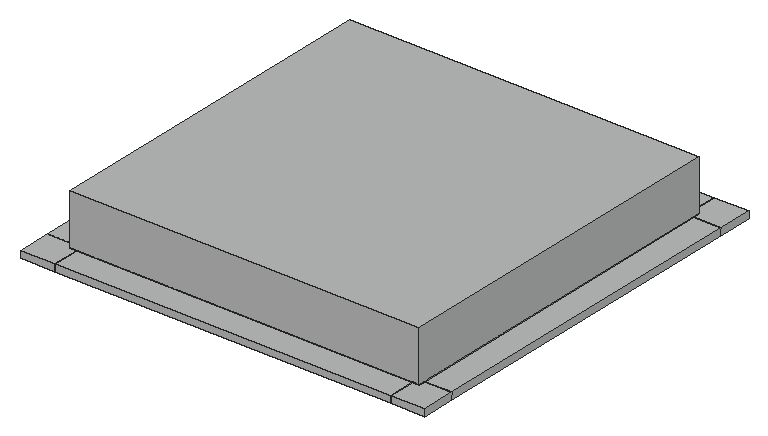
Revit family "ALUMOGIPS", category Осветительные приборы, Revit 2019 (continued)
Types (72, lengths in mm): name | Файл фотометрической сетки | built-in parameter 1150105 | Lumens | built-in parameter 1150106 | built-in parameter 1150142 | Wattage | Emit from Rectangle Width | Emit from Rectangle Length | Длина | Материал светильника | Ширина | ADSK_Ток | ADSK_Полная мощность | ADSK_Обозначение | ADSK_Номинальная мощность | ADSK_Наименование | ADSK_Масса | ADSK_Код изделия
  Alumogips-30/opal-sand 295х595 (IP54, 4000К, белый) c БАП на 3 часа | "Светильник ALUMOGIPS-30 OPAL-SAND-(295x595).IES" | 198.94 (stored number, unit not read) | 2500 lm | 1.9894 (stored number, unit not read) | "IESNA:LM-63-95\r\n[TEST] Протокол №80\r\n[DATA]26.06.2016\r\n[MORE] \r\n[MANUFAC] ЗАО \"Центрстройсвет\"\r\n[LUMCAT]  Светильник ALUMOGIPS-30/OPAL-SAND-(295x595)\r\n[LUMINAIRE]\r\n[LAMPCAT] Светодиоды\r\n[LAMP] Поток источника света (светодиодов) не известен\r\n[MORE] КСС приведена в абсолютных величинах кд\r\n[MORE] Вместо потока лампы, указан поток светильника.\r\nTILT=NONE\r\n1    2420 1.0 37 73 1 2 0.295 0.595 0.04\r\n1.0 1.0 28.9\r\n0.0 5.0 10.0 15.0 20.0 25.0 30.0 35.0 40.0 45.0 50.0 55.0 60.0 65.0 70.0 75.0 80.0 85.0 90.0 95.0 100.0 105.0 110.0 115.0 120.0 125.0 130.0 135.0 140.0 145.0 150.0 155.0 160.0 165.0 170.0 175.0 180.0\r\n0.0 5.0 10.0 15.0 20.0 25.0 30.0 35.0 40.0 45.0 50.0 55.0 60.0 65.0 70.0 75.0 80.0 85.0 90.0 95.0 100.0 105.0 110.0 115.0 120.0 125.0 130.0 135.0 140.0 145.0 150.0 155.0 160.0 165.0 170.0 175.0 180.0 185.0 190.0 195.0 200.0 205.0 210.0 215.0 220.0 225.0 230.0 235.0 240.0 245.0 250.0 255.0 260.0 265.0 270.0 275.0 280.0 285.0 290.0 295.0 300.0 305.0 310.0 315.0 320.0 325.0 330.0 335.0 340.0 345.0 350.0 355.0 360.0\r\n911.1 908.3 889.4 861.2 824.6 779.8 729.1 674.3 613.8 546.0 479.1 412.2 342.1 274.7 206.6 142.5 83.1 30.5 0.2 0.0 0.0 0.0 0.0 0.0 0.0 0.0 0.0 0.0 0.0 0.0 0.0 0.0 0.0 0.0 0.0 0.0 0.0\r\n911.1 908.3 890.4 862.2 826.0 781.2 730.0 673.5 610.8 545.9 478.1 412.0 343.0 274.6 207.5 142.8 83.4 31.1 0.3 0.0 0.0 0.0 0.0 0.0 0.0 0.0 0.0 0.0 0.0 0.0 0.0 0.0 0.0 0.0 0.0 0.0 0.0\r\n911.1 908.5 890.5 862.8 826.3 781.1 729.7 670.6 612.5 548.7 480.3 412.7 344.4 275.2 207.5 143.5 83.8 31.5 0.3 0.0 0.0 0.0 0.0 0.0 0.0 0.0 0.0 0.0 0.0 0.0 0.0 0.0 0.0 0.0 0.0 0.0 0.0\r\n911.1 909.2 889.7 860.5 825.1 782.3 731.0 672.5 613.1 547.3 478.2 411.8 342.9 275.2 208.3 143.7 83.9 31.8 0.3 0.0 0.0 0.0 0.0 0.0 0.0 0.0 0.0 0.0 0.0 0.0 0.0 0.0 0.0 0.0 0.0 0.0 0.0\r\n911.1 909.0 891.0 861.5 825.6 782.4 732.7 675.9 611.0 545.2 481.9 413.1 344.4 276.1 208.3 144.0 84.6 32.0 0.3 0.0 0.0 0.0 0.0 0.0 0.0 0.0 0.0 0.0 0.0 0.0 0.0 0.0 0.0 0.0 0.0 0.0 0.0\r\n911.1 908.9 890.1 863.3 826.9 783.2 729.2 673.9 611.8 547.8 480.9 414.1 343.8 275.8 208.6 144.4 85.0 32.4 0.3 0.0 0.0 0.0 0.0 0.0 0.0 0.0 0.0 0.0 0.0 0.0 0.0 0.0 0.0 0.0 0.0 0.0 0.0\r\n911.1 908.9 890.0 862.2 828.3 782.8 731.1 675.1 614.3 547.6 481.3 413.0 345.8 276.7 208.8 145.0 85.3 32.6 0.4 0.0 0.0 0.0 0.0 0.0 0.0 0.0 0.0 0.0 0.0 0.0 0.0 0.0 0.0 0.0 0.0 0.0 0.0\r\n911.1 908.5 891.5 865.2 825.7 780.8 732.5 674.6 615.0 551.3 482.1 414.1 345.1 277.4 208.6 145.5 85.5 33.2 0.5 0.0 0.0 0.0 0.0 0.0 0.0 0.0 0.0 0.0 0.0 0.0 0.0 0.0 0.0 0.0 0.0 0.0 0.0\r\n911.1 908.2 891.4 865.6 827.3 781.0 734.3 676.9 614.9 549.4 482.0 413.8 346.2 277.0 209.5 145.9 86.0 33.8 0.4 0.0 0.0 0.0 0.0 0.0 0.0 0.0 0.0 0.0 0.0 0.0 0.0 0.0 0.0 0.0 0.0 0.0 0.0\r\n911.1 908.7 891.0 864.3 829.6 784.0 732.9 673.2 614.9 550.2 484.5 414.8 346.4 277.8 210.5 146.4 87.2 33.9 0.6 0.0 0.0 0.0 0.0 0.0 0.0 0.0 0.0 0.0 0.0 0.0 0.0 0.0 0.0 0.0 0.0 0.0 0.0\r\n911.1 909.3 890.7 863.4 828.2 782.7 733.6 675.6 617.1 551.3 485.9 416.5 347.0 279.5 211.3 147.1 87.6 34.5 0.8 0.0 0.0 0.0 0.0 0.0 0.0 0.0 0.0 0.0 0.0 0.0 0.0 0.0 0.0 0.0 0.0 0.0 0.0\r\n911.1 908.7 892.5 864.0 829.2 784.2 733.3 676.9 615.6 551.9 484.7 416.9 348.3 279.6 211.6 148.3 88.1 35.0 0.9 0.0 0.0 0.0 0.0 0.0 0.0 0.0 0.0 0.0 0.0 0.0 0.0 0.0 0.0 0.0 0.0 0.0 0.0\r\n911.1 907.6 892.1 865.2 827.4 784.6 731.8 676.8 617.7 552.8 485.1 418.8 350.7 281.3 212.5 148.4 89.0 35.7 1.0 0.0 0.0 0.0 0.0 0.0 0.0 0.0 0.0 0.0 0.0 0.0 0.0 0.0 0.0 0.0 0.0 0.0 0.0\r\n911.1 907.1 892.1 864.5 830.2 788.3 733.6 677.4 617.3 552.0 487.9 420.8 349.8 281.3 213.4 149.2 89.9 36.2 1.3 0.0 0.0 0.0 0.0 0.0 0.0 0.0 0.0 0.0 0.0 0.0 0.0 0.0 0.0 0.0 0.0 0.0 0.0\r\n911.1 907.7 891.9 865.7 828.5 785.6 735.2 678.9 620.0 555.8 488.8 421.1 351.5 282.7 215.2 149.7 90.8 36.9 1.5 0.0 0.0 0.0 0.0 0.0 0.0 0.0 0.0 0.0 0.0 0.0 0.0 0.0 0.0 0.0 0.0 0.0 0.0\r\n911.1 907.8 891.0 864.8 830.1 786.1 738.7 679.4 616.5 556.6 490.6 420.2 352.4 284.5 215.4 151.3 91.1 37.6 1.5 0.0 0.0 0.0 0.0 0.0 0.0 0.0 0.0 0.0 0.0 0.0 0.0 0.0 0.0 0.0 0.0 0.0 0.0\r\n911.1 907.6 892.2 865.5 829.8 785.3 740.8 681.1 621.3 555.2 488.2 422.8 352.5 285.0 216.2 151.5 92.2 38.3 1.9 0.0 0.0 0.0 0.0 0.0 0.0 0.0 0.0 0.0 0.0 0.0 0.0 0.0 0.0 0.0 0.0 0.0 0.0\r\n911.1 907.4 892.1 866.1 829.8 787.6 737.3 681.4 621.4 556.0 491.1 422.7 354.9 284.7 217.1 152.4 93.0 39.4 2.0 0.0 0.0 0.0 0.0 0.0 0.0 0.0 0.0 0.0 0.0 0.0 0.0 0.0 0.0 0.0 0.0 0.0 0.0\r\n911.1 907.1 892.7 864.9 831.7 788.2 738.4 680.3 623.5 555.8 491.4 423.2 354.0 286.0 218.2 152.8 93.7 40.1 1.9 0.0 0.0 0.0 0.0 0.0 0.0 0.0 0.0 0.0 0.0 0.0 0.0 0.0 0.0 0.0 0.0 0.0 0.0\r\n911.1 907.4 892.3 867.6 830.6 789.2 737.9 683.1 622.5 558.1 492.5 424.4 355.9 287.7 219.1 154.3 94.7 40.4 2.5 0.0 0.0 0.0 0.0 0.0 0.0 0.0 0.0 0.0 0.0 0.0 0.0 0.0 0.0 0.0 0.0 0.0 0.0\r\n911.1 907.5 892.4 866.9 832.1 790.0 736.6 683.9 623.3 559.4 493.1 425.9 357.0 288.4 220.1 155.2 95.3 41.1 2.6 0.0 0.0 0.0 0.0 0.0 0.0 0.0 0.0 0.0 0.0 0.0 0.0 0.0 0.0 0.0 0.0 0.0 0.0\r\n911.1 906.9 893.0 866.2 832.9 789.5 740.6 686.4 622.6 558.9 494.6 425.2 357.7 289.6 220.8 156.1 95.8 41.9 2.6 0.0 0.0 0.0 0.0 0.0 0.0 0.0 0.0 0.0 0.0 0.0 0.0 0.0 0.0 0.0 0.0 0.0 0.0\r\n911.1 906.5 892.0 867.1 832.6 789.9 741.4 686.3 627.3 561.0 497.2 429.6 357.8 290.1 222.7 156.4 96.7 42.4 3.1 0.0 0.0 0.0 0.0 0.0 0.0 0.0 0.0 0.0 0.0 0.0 0.0 0.0 0.0 0.0 0.0 0.0 0.0\r\n911.1 906.8 892.3 868.3 834.8 789.8 739.1 686.9 625.0 562.3 496.2 428.6 359.5 290.7 222.5 158.0 97.5 42.6 3.4 0.0 0.0 0.0 0.0 0.0 0.0 0.0 0.0 0.0 0.0 0.0 0.0 0.0 0.0 0.0 0.0 0.0 0.0\r\n911.1 907.7 893.1 868.2 834.1 793.7 743.1 687.9 626.4 562.8 495.5 430.8 360.5 292.6 223.4 158.6 97.7 43.5 3.3 0.0 0.0 0.0 0.0 0.0 0.0 0.0 0.0 0.0 0.0 0.0 0.0 0.0 0.0 0.0 0.0 0.0 0.0\r\n911.1 908.2 893.8 868.2 835.6 793.6 743.3 688.3 626.0 564.5 498.1 431.2 361.0 293.4 224.3 158.9 98.6 44.0 3.5 0.0 0.0 0.0 0.0 0.0 0.0 0.0 0.0 0.0 0.0 0.0 0.0 0.0 0.0 0.0 0.0 0.0 0.0\r\n911.1 906.7 894.2 868.9 835.7 792.8 743.7 688.3 628.3 564.5 497.7 430.5 361.2 293.3 224.8 160.4 99.3 44.4 3.7 0.0 0.0 0.0 0.0 0.0 0.0 0.0 0.0 0.0 0.0 0.0 0.0 0.0 0.0 0.0 0.0 0.0 0.0\r\n911.1 906.5 894.7 867.9 834.7 795.0 744.2 689.6 630.1 566.4 499.6 431.8 363.0 294.1 225.6 160.8 100.0 45.1 3.6 0.0 0.0 0.0 0.0 0.0 0.0 0.0 0.0 0.0 0.0 0.0 0.0 0.0 0.0 0.0 0.0 0.0 0.0\r\n911.1 906.5 895.1 869.9 835.9 794.8 744.6 690.7 627.4 566.4 500.2 432.4 364.0 294.7 227.0 161.2 100.6 45.6 3.8 0.0 0.0 0.0 0.0 0.0 0.0 0.0 0.0 0.0 0.0 0.0 0.0 0.0 0.0 0.0 0.0 0.0 0.0\r\n911.1 906.1 895.4 869.1 835.9 794.7 746.0 689.6 630.7 566.6 499.6 432.7 363.1 295.7 227.9 161.9 100.9 46.3 4.0 0.0 0.0 0.0 0.0 0.0 0.0 0.0 0.0 0.0 0.0 0.0 0.0 0.0 0.0 0.0 0.0 0.0 0.0\r\n911.1 906.1 894.6 870.7 836.3 795.3 746.6 689.6 632.6 567.7 500.1 432.1 364.4 296.0 227.8 162.7 101.4 46.4 4.5 0.0 0.0 0.0 0.0 0.0 0.0 0.0 0.0 0.0 0.0 0.0 0.0 0.0 0.0 0.0 0.0 0.0 0.0\r\n911.1 906.3 895.6 868.8 835.5 793.2 745.3 690.7 630.8 568.5 500.6 433.3 364.7 295.8 227.5 162.6 101.3 46.8 4.6 0.0 0.0 0.0 0.0 0.0 0.0 0.0 0.0 0.0 0.0 0.0 0.0 0.0 0.0 0.0 0.0 0.0 0.0\r\n911.1 907.0 895.4 871.8 837.5 794.5 744.5 690.6 631.8 568.8 502.5 436.2 365.6 296.2 228.3 163.9 101.9 47.1 4.6 0.0 0.0 0.0 0.0 0.0 0.0 0.0 0.0 0.0 0.0 0.0 0.0 0.0 0.0 0.0 0.0 0.0 0.0\r\n911.1 907.6 895.4 871.8 839.2 796.0 747.1 690.6 629.6 567.5 501.4 434.5 365.7 297.2 228.8 163.4 102.4 47.5 4.6 0.0 0.0 0.0 0.0 0.0 0.0 0.0 0.0 0.0 0.0 0.0 0.0 0.0 0.0 0.0 0.0 0.0 0.0\r\n911.1 906.1 895.5 871.6 838.7 794.9 748.2 694.5 632.4 570.3 502.5 434.5 365.5 297.1 229.4 164.0 102.4 47.5 4.7 0.0 0.0 0.0 0.0 0.0 0.0 0.0 0.0 0.0 0.0 0.0 0.0 0.0 0.0 0.0 0.0 0.0 0.0\r\n911.1 904.8 895.9 869.8 836.7 797.2 747.1 691.9 633.4 569.5 503.4 435.1 366.2 298.1 229.3 163.6 102.3 47.2 4.3 0.0 0.0 0.0 0.0 0.0 0.0 0.0 0.0 0.0 0.0 0.0 0.0 0.0 0.0 0.0 0.0 0.0 0.0\r\n911.1 905.3 894.0 871.2 840.2 796.2 748.3 691.8 631.5 572.4 503.6 433.5 366.8 297.9 229.2 163.3 101.8 46.8 3.8 0.0 0.0 0.0 0.0 0.0 0.0 0.0 0.0 0.0 0.0 0.0 0.0 0.0 0.0 0.0 0.0 0.0 0.0\r\n911.1 906.0 894.9 870.9 837.1 795.0 745.7 693.0 630.8 569.0 503.7 436.4 366.4 297.7 229.8 163.4 101.8 46.5 3.4 0.0 0.0 0.0 0.0 0.0 0.0 0.0 0.0 0.0 0.0 0.0 0.0 0.0 0.0 0.0 0.0 0.0 0.0\r\n911.1 905.6 893.6 871.4 839.9 797.6 749.1 691.5 633.0 570.8 502.5 434.8 366.1 296.6 228.5 162.8 101.0 46.0 2.9 0.0 0.0 0.0 0.0 0.0 0.0 0.0 0.0 0.0 0.0 0.0 0.0 0.0 0.0 0.0 0.0 0.0 0.0\r\n911.1 905.5 894.6 871.9 838.0 794.6 747.0 692.0 634.0 569.3 502.9 435.5 366.8 296.4 228.8 163.2 101.1 46.1 2.8 0.0 0.0 0.0 0.0 0.0 0.0 0.0 0.0 0.0 0.0 0.0 0.0 0.0 0.0 0.0 0.0 0.0 0.0\r\n911.1 906.2 893.1 871.0 837.2 796.8 749.0 694.0 633.1 569.5 503.5 436.7 366.4 297.6 228.4 162.6 101.3 45.7 2.8 0.0 0.0 0.0 0.0 0.0 0.0 0.0 0.0 0.0 0.0 0.0 0.0 0.0 0.0 0.0 0.0 0.0 0.0\r\n911.1 905.4 893.6 869.9 837.0 796.8 747.6 692.4 634.5 568.4 503.4 433.2 365.8 296.2 227.1 162.3 100.7 45.6 2.7 0.0 0.0 0.0 0.0 0.0 0.0 0.0 0.0 0.0 0.0 0.0 0.0 0.0 0.0 0.0 0.0 0.0 0.0\r\n911.1 905.2 893.1 870.9 837.6 799.4 749.7 694.6 632.4 569.7 501.2 433.7 366.5 296.3 227.6 162.0 100.7 45.2 2.6 0.0 0.0 0.0 0.0 0.0 0.0 0.0 0.0 0.0 0.0 0.0 0.0 0.0 0.0 0.0 0.0 0.0 0.0\r\n911.1 905.6 892.8 867.9 836.3 795.3 747.6 693.8 632.3 568.8 503.5 433.9 364.4 295.4 227.4 162.1 100.2 45.0 2.6 0.0 0.0 0.0 0.0 0.0 0.0 0.0 0.0 0.0 0.0 0.0 0.0 0.0 0.0 0.0 0.0 0.0 0.0\r\n911.1 906.0 891.2 869.4 838.7 796.6 744.5 691.3 630.5 568.4 500.5 432.6 364.8 294.7 226.6 161.5 99.4 44.6 2.4 0.0 0.0 0.0 0.0 0.0 0.0 0.0 0.0 0.0 0.0 0.0 0.0 0.0 0.0 0.0 0.0 0.0 0.0\r\n911.1 906.3 892.3 868.8 836.4 794.7 746.4 690.6 628.4 567.4 501.0 433.5 364.4 294.7 226.3 161.5 99.1 44.1 2.3 0.0 0.0 0.0 0.0 0.0 0.0 0.0 0.0 0.0 0.0 0.0 0.0 0.0 0.0 0.0 0.0 0.0 0.0\r\n911.1 906.1 891.2 870.3 836.5 796.5 746.5 691.1 630.2 565.4 501.0 432.5 361.6 293.6 224.8 160.3 98.9 43.7 2.2 0.0 0.0 0.0 0.0 0.0 0.0 0.0 0.0 0.0 0.0 0.0 0.0 0.0 0.0 0.0 0.0 0.0 0.0\r\n911.1 906.7 892.3 869.5 834.4 794.2 744.3 688.5 631.3 567.2 500.0 431.6 362.1 292.6 224.4 159.4 98.3 43.1 2.1 0.0 0.0 0.0 0.0 0.0 0.0 0.0 0.0 0.0 0.0 0.0 0.0 0.0 0.0 0.0 0.0 0.0 0.0\r\n911.1 906.3 891.7 869.3 838.3 794.6 745.1 687.7 632.2 566.3 497.6 429.3 361.9 293.2 223.9 158.7 97.6 42.4 1.9 0.0 0.0 0.0 0.0 0.0 0.0 0.0 0.0 0.0 0.0 0.0 0.0 0.0 0.0 0.0 0.0 0.0 0.0\r\n911.1 906.6 891.2 870.7 835.8 791.7 742.2 688.7 628.2 564.3 497.8 429.8 361.0 291.5 223.5 157.7 97.3 42.0 1.8 0.0 0.0 0.0 0.0 0.0 0.0 0.0 0.0 0.0 0.0 0.0 0.0 0.0 0.0 0.0 0.0 0.0 0.0\r\n911.1 906.1 891.3 868.6 834.6 791.7 744.4 685.8 625.4 562.6 496.6 428.8 360.1 290.5 222.4 157.1 96.1 41.3 1.7 0.0 0.0 0.0 0.0 0.0 0.0 0.0 0.0 0.0 0.0 0.0 0.0 0.0 0.0 0.0 0.0 0.0 0.0\r\n911.1 905.2 892.6 868.1 835.0 791.5 742.2 686.7 625.4 563.1 497.3 427.9 358.4 290.7 221.2 155.8 95.6 40.8 1.5 0.0 0.0 0.0 0.0 0.0 0.0 0.0 0.0 0.0 0.0 0.0 0.0 0.0 0.0 0.0 0.0 0.0 0.0\r\n911.1 905.3 892.8 868.0 833.0 791.3 744.3 685.1 623.6 560.5 492.9 426.5 357.2 288.9 220.3 154.7 94.8 40.1 1.3 0.0 0.0 0.0 0.0 0.0 0.0 0.0 0.0 0.0 0.0 0.0 0.0 0.0 0.0 0.0 0.0 0.0 0.0\r\n911.1 906.6 890.8 868.3 833.0 790.4 741.1 685.4 624.1 560.7 492.9 424.1 356.4 288.9 219.7 154.0 93.5 39.4 1.2 0.0 0.0 0.0 0.0 0.0 0.0 0.0 0.0 0.0 0.0 0.0 0.0 0.0 0.0 0.0 0.0 0.0 0.0\r\n911.1 907.4 891.8 866.4 833.1 790.2 739.5 683.6 621.7 561.4 494.4 424.6 356.0 287.1 219.0 153.3 92.5 38.6 1.1 0.0 0.0 0.0 0.0 0.0 0.0 0.0 0.0 0.0 0.0 0.0 0.0 0.0 0.0 0.0 0.0 0.0 0.0\r\n911.1 907.0 891.7 867.9 832.2 788.0 736.3 683.3 623.7 556.4 492.1 424.3 353.3 286.6 217.1 152.4 91.9 37.8 0.8 0.0 0.0 0.0 0.0 0.0 0.0 0.0 0.0 0.0 0.0 0.0 0.0 0.0 0.0 0.0 0.0 0.0 0.0\r\n911.1 906.8 892.1 865.5 829.5 787.9 737.3 680.4 618.9 555.6 491.7 423.2 353.3 284.2 216.2 151.5 91.3 37.0 0.7 0.0 0.0 0.0 0.0 0.0 0.0 0.0 0.0 0.0 0.0 0.0 0.0 0.0 0.0 0.0 0.0 0.0 0.0\r\n911.1 906.0 890.4 864.7 830.5 788.2 737.8 682.0 618.5 554.8 489.2 421.0 352.5 282.8 214.0 149.9 90.1 36.6 0.6 0.0 0.0 0.0 0.0 0.0 0.0 0.0 0.0 0.0 0.0 0.0 0.0 0.0 0.0 0.0 0.0 0.0 0.0\r\n911.1 905.1 891.5 865.2 828.0 784.8 738.1 677.5 619.3 553.0 488.5 419.0 350.1 282.1 214.0 149.5 89.3 35.6 0.4 0.0 0.0 0.0 0.0 0.0 0.0 0.0 0.0 0.0 0.0 0.0 0.0 0.0 0.0 0.0 0.0 0.0 0.0\r\n911.1 906.0 891.6 863.4 826.4 784.8 735.2 679.4 616.1 553.3 487.5 418.1 349.5 281.2 213.4 148.4 88.5 34.8 0.3 0.0 0.0 0.0 0.0 0.0 0.0 0.0 0.0 0.0 0.0 0.0 0.0 0.0 0.0 0.0 0.0 0.0 0.0\r\n911.1 906.8 890.4 864.5 828.0 784.0 735.1 678.8 616.8 551.9 484.6 417.7 349.7 279.3 211.1 147.6 87.7 34.2 0.3 0.0 0.0 0.0 0.0 0.0 0.0 0.0 0.0 0.0 0.0 0.0 0.0 0.0 0.0 0.0 0.0 0.0 0.0\r\n911.1 907.5 888.8 862.0 826.9 780.2 732.3 675.0 614.9 551.2 485.3 416.4 346.6 278.8 211.6 146.2 86.7 33.6 0.2 0.0 0.0 0.0 0.0 0.0 0.0 0.0 0.0 0.0 0.0 0.0 0.0 0.0 0.0 0.0 0.0 0.0 0.0\r\n911.1 907.5 889.7 863.2 826.6 785.1 732.2 672.0 614.2 551.3 484.5 416.7 346.2 277.6 210.1 145.9 85.8 32.8 0.2 0.0 0.0 0.0 0.0 0.0 0.0 0.0 0.0 0.0 0.0 0.0 0.0 0.0 0.0 0.0 0.0 0.0 0.0\r\n911.1 907.3 890.1 863.9 825.1 780.0 730.7 678.4 612.1 549.9 481.9 414.5 344.9 276.9 209.3 145.1 85.2 32.3 0.1 0.0 0.0 0.0 0.0 0.0 0.0 0.0 0.0 0.0 0.0 0.0 0.0 0.0 0.0 0.0 0.0 0.0 0.0\r\n911.1 908.5 889.1 862.4 825.5 781.7 731.2 672.6 612.0 547.6 482.4 413.8 345.8 275.4 208.5 144.0 84.8 31.6 0.1 0.0 0.0 0.0 0.0 0.0 0.0 0.0 0.0 0.0 0.0 0.0 0.0 0.0 0.0 0.0 0.0 0.0 0.0\r\n911.1 908.0 889.3 861.7 824.9 780.9 731.0 672.8 611.9 545.5 481.0 411.8 343.3 274.8 207.7 143.4 84.0 31.2 0.1 0.0 0.0 0.0 0.0 0.0 0.0 0.0 0.0 0.0 0.0 0.0 0.0 0.0 0.0 0.0 0.0 0.0 0.0\r\n911.1 906.5 887.9 861.2 824.2 781.5 729.8 672.2 609.7 547.2 479.7 411.1 343.5 274.5 206.8 143.2 83.6 30.7 0.1 0.0 0.0 0.0 0.0 0.0 0.0 0.0 0.0 0.0 0.0 0.0 0.0 0.0 0.0 0.0 0.0 0.0 0.0\r\n911.1 906.8 888.0 859.9 826.4 781.3 727.9 671.1 610.9 546.9 478.6 411.5 342.5 274.4 207.1 142.8 83.0 30.3 0.1 0.0 0.0 0.0 0.0 0.0 0.0 0.0 0.0 0.0 0.0 0.0 0.0 0.0 0.0 0.0 0.0 0.0 0.0\r\n911.1 907.2 889.6 859.4 824.1 778.8 730.0 672.0 610.3 544.9 478.2 410.6 341.6 274.5 206.3 141.9 82.8 30.0 0.1 0.0 0.0 0.0 0.0 0.0 0.0 0.0 0.0 0.0 0.0 0.0 0.0 0.0 0.0 0.0 0.0 0.0 0.0\r\n911.1 908.0 888.9 861.7 823.7 778.6 726.6 673.0 609.3 546.3 478.0 409.7 341.7 273.2 206.1 141.7 82.2 29.9 0.0 0.0 0.0 0.0 0.0 0.0 0.0 0.0 0.0 0.0 0.0 0.0 0.0 0.0 0.0 0.0 0.0 0.0 0.0\r\n911.1 908.5 889.0 862.2 823.5 778.2 729.5 669.6 608.8 545.8 478.2 411.0 340.7 272.7 206.2 142.0 82.2 29.8 0.1 0.0 0.0 0.0 0.0 0.0 0.0 0.0 0.0 0.0 0.0 0.0 0.0 0.0 0.0 0.0 0.0 0.0 0.0\r\n911.1 908.3 889.7 863.3 826.0 781.1 728.4 671.9 608.5 545.7 478.5 410.8 342.7 273.4 205.7 141.8 82.4 30.1 0.2 0.0 0.0 0.0 0.0 0.0 0.0 0.0 0.0 0.0 0.0 0.0 0.0 0.0 0.0 0.0 0.0 0.0 0.0\r\n911.1 908.3 889.4 861.2 824.6 779.8 729.1 674.3 613.8 546.0 479.1 412.2 342.1 274.7 206.6 142.5 83.1 30.5 0.2 0.0 0.0 0.0 0.0 0.0 0.0 0.0 0.0 0.0 0.0 0.0 0.0 0.0 0.0 0.0 0.0 0.0 0.0\r\n" | 16.8303 W | 275 | 575 | 595 | RAL 9001 | 295 | 0.141777 A | 32.6087 VA | "Alumogips-30/opal-sand 295х595 (IP54, 4000К, белый)" | 30 W | "Встраиваемый светодиодный светильник Alumogips-30/opal-sand 295х595 (IP54, 4000К, белый) c БАП на 3 час" | 1.3 | "ЦБ000007779"
